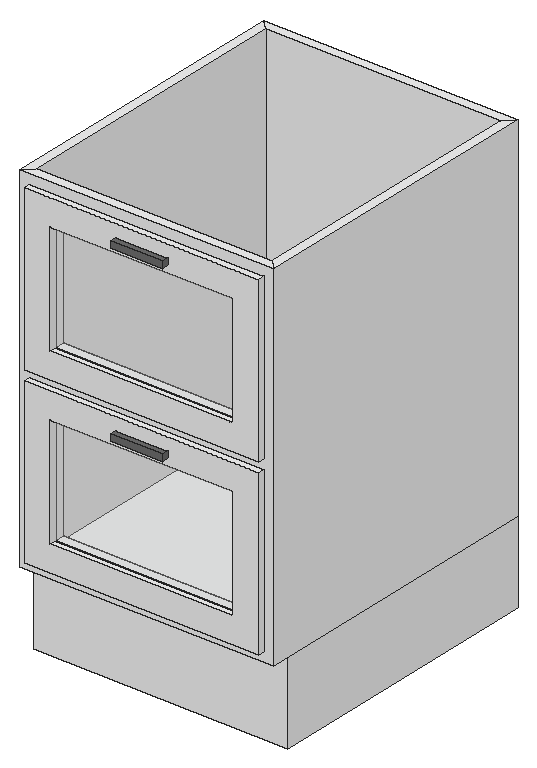
Revit family
Parameters (values of type "500mm")
  Cabinet Material = none
  Depth = 600 mm
  Door/Drawer Material = none
  Handle Material = Cabinets - Handles
  Height = 860 mm
  Panel Material = none
  Plinth Depth = 35 mm
  Plinth Height = 160 mm
  Width = 500 mm
Types (3, lengths in mm): name | Width
  (no name) | 500
  300mm | 300
  500mm | 500
Reference planes
  plane 1 "Back": y = 0
  plane 2: z = 0
  plane 3 "Center": x = 18.738
  plane 4 "Left": x = -231.262
  plane 5 "Right": x = 268.738
  plane 6 "Front": y = -600
  plane 7 "Top": z = 860
  plane 8: y = -565
  plane 9: z = 160
  plane 10: z = 840.95
  plane 11: z = 179.05
  plane 12: x = -212.212
  plane 13: x = 249.688
  plane 14: x = -32.062
  plane 15: x = 69.538
  plane 16: z = 815.55
  plane 17: z = 802.85
  plane 18: z = 510
  plane 19: x = 198.888
  plane 20: x = -161.412
  plane 21: z = 229.85
  plane 22: z = 449.675
  plane 23: z = 790.15
  plane 24: z = 570.325
  plane 25: z = 519.525
  plane 26: z = 500.475
  plane 27: z = 475.075
  plane 28: z = 462.375
Forms (mm)
  Extrusion 1, solid, material <- "Cabinet Material"
    sketch origin (0, 0, 0) x (1, 0, 0) y (0, 1, 0)
      loop
        line (-231.262, 0) -> (-231.262, -565) -> (268.738, -565) -> (268.738, 0) -> (-231.262, 0)
    from 0 to 160
  Sweep 2, solid, material <- "Cabinet Material"
    path origin (0, 0, 0) x (1, 0, 0) y (0, 1, 0)
      loop
        line (268.738, 0) -> (-231.262, 0) -> (-231.262, -600) -> (268.738, -600) -> (268.738, 0)
    profile origin (0, -300, 0) x (1, 0, 0) y (0, 0, 1)
      loop
        line (268.738, 160) -> (268.738, 860) -> (249.688, 860) -> (249.688, 160) -> (268.738, 160)
  Extrusion 3, solid, material <- "Cabinet Material"
    sketch origin (0, 0, 0) x (1, 0, 0) y (0, 1, 0)
      loop
        line (-212.212, -19.05) -> (-212.212, -580.95) -> (249.688, -580.95) -> (249.688, -19.05) -> (-212.212, -19.05)
    from 179.05 to 160
  Extrusion 4, void
    sketch origin (268.738, -600, 860) x (1, 0, 0) y (0, 0, -1)
      loop
        line (-430.15, 69.85) -> (-69.85, 69.85) -> (-69.85, 289.675) -> (-430.15, 289.675) -> (-430.15, 69.85)
      loop
        line (-430.15, 410.325) -> (-69.85, 410.325) -> (-69.85, 630.15) -> (-430.15, 630.15) -> (-430.15, 410.325)
    from 0 to 19.05
  Extrusion 5, solid, material <- "Panel Material"
    sketch origin (268.738, -600, 860) x (-1, 0, 0) y (0, 0, -1)
      loop
        line (430.15, 69.85) -> (430.15, 289.675) -> (69.85, 289.675) -> (69.85, 69.85) -> (430.15, 69.85)
      loop
        line (430.15, 410.325) -> (430.15, 630.15) -> (69.85, 630.15) -> (69.85, 410.325) -> (430.15, 410.325)
    from -19.05 to 0
  Extrusion 6, solid, material <- "Door/Drawer Material"
    sketch origin (0, -600, 0) x (1, 0, 0) y (0, 0, 1)
      loop
        line (-212.212, 840.95) -> (-212.212, 519.525) -> (249.688, 519.525) -> (249.688, 840.95) -> (-212.212, 840.95)
      loop
        line (-212.212, 500.475) -> (-212.212, 179.05) -> (249.688, 179.05) -> (249.688, 500.475) -> (-212.212, 500.475)
      loop
        line (-161.412, 790.15) -> (-161.412, 570.325) -> (198.888, 570.325) -> (198.888, 790.15) -> (-161.412, 790.15)
      loop
        line (-161.412, 449.675) -> (-161.412, 229.85) -> (198.888, 229.85) -> (198.888, 449.675) -> (-161.412, 449.675)
    from 0 to 12.7
  Extrusion 7, solid, material "Cabinets - Handles" <- "Handle Material"
    sketch origin (0, -600, 0) x (1, 0, 0) y (0, 0, 1)
      loop
        line (-32.062, 815.55) -> (-32.062, 802.85) -> (69.538, 802.85) -> (69.538, 815.55) -> (-32.062, 815.55)
      loop
        line (-32.062, 475.075) -> (-32.062, 462.375) -> (69.538, 462.375) -> (69.538, 475.075) -> (-32.062, 475.075)
    from 12.7 to 25.4
Cuts and joins
  Extrusion 4 cuts Extrusion 1
  Extrusion 4 cuts Sweep 2
  Extrusion 4 cuts Extrusion 3
Lines and regions (mm)
  symbolic lines, style "Plan Rep - Below"
    curve 1: line (268.738, -600, 0) -> (-231.262, -600, 0)
    curve 2: line (268.738, 0, 0) -> (268.738, -600, 0)
    curve 3: line (-231.262, 0, 0) -> (268.738, 0, 0)
    curve 4: line (-231.262, -600, 0) -> (-231.262, 0, 0)
  model lines
    curve 5: line (-212.212, -600, 840.95) -> (249.688, -600, 840.95)
    curve 6: line (249.688, -600, 840.95) -> (249.688, -600, 519.525)
    curve 7: line (-212.212, -600, 179.05) -> (-212.212, -600, 500.475)
    curve 8: line (-32.062, -600, 815.55) -> (69.538, -600, 815.55)
    curve 9: line (-32.062, -600, 802.85) -> (-32.062, -600, 815.55)
    curve 10: line (69.538, -600, 802.85) -> (-32.062, -600, 802.85)
    curve 11: line (69.538, -600, 815.55) -> (69.538, -600, 802.85)
    curve 12: line (-212.212, -600, 519.525) -> (249.688, -600, 519.525)
    curve 13: line (-212.212, -600, 500.475) -> (249.688, -600, 500.475)
    curve 14: line (249.688, -600, 500.475) -> (249.688, -600, 179.05)
    curve 15: line (-212.212, -600, 519.525) -> (-212.212, -600, 840.95)
    curve 16: line (249.688, -600, 179.05) -> (-212.212, -600, 179.05)
    curve 17: line (-32.062, -600, 475.075) -> (69.538, -600, 475.075)
    curve 18: line (-32.062, -600, 462.375) -> (-32.062, -600, 475.075)
    curve 19: line (69.538, -600, 462.375) -> (-32.062, -600, 462.375)
    curve 20: line (69.538, -600, 475.075) -> (69.538, -600, 462.375)
Dimensions and locks
  "Depth": plane 6 "Front" to plane 1 "Back"
  "Width": plane 4 "Left" to plane 5 "Right"
  equal spacing: plane 4 "Left", plane 3 "Center", plane 5 "Right"
  "Height": level to plane 7 "Top"
  "Plinth Height": plane 2 to plane 9
  "Plinth Depth": plane 6 "Front" to plane 8
  locked: plane 4 "Left" to plane 12 at 19.05
  locked: plane 13 to plane 5 "Right" at 19.05
  locked: plane 7 "Top" to plane 10 at 19.05
  locked: plane 11 to plane 9 at 19.05
  equal spacing: plane 10, plane 18, plane 11
  plane 21 to plane 11 = 50.8 mm
  plane 18 to plane 22 = 60.325 mm
  plane 12 to plane 20 = 50.8 mm
  plane 24 to plane 18 = 60.325 mm
  plane 10 to plane 23 = 50.8 mm
  plane 25 to plane 18 to plane 26 = 9.525 mm, 9.525 mm
  plane 10 to plane 16 to plane 17 = 25.4 mm, 12.7 mm
  plane 26 to plane 27 to plane 28 = 25.4 mm, 12.7 mm
  plane 14 to plane 3 "Center" to plane 15 = 50.8 mm locked, 50.8 mm locked
  locked: plane 19 to plane 13 at 50.8
  aligned and locked: plane 1 "Back" to Extrusion 1 sketch curve
  aligned and locked: Extrusion 1 sketch curve to plane 5 "Right"
  aligned and locked: Extrusion 1 sketch curve to plane 8
  aligned and locked: plane 4 "Left" to Extrusion 1 sketch curve
  aligned and locked: Extrusion 1 to level
  aligned and locked: Sweep 2 sketch curve to plane 6 "Front"
  aligned and locked: plane 1 "Back" to Sweep 2 sketch curve
  aligned and locked: Sweep 2 sketch curve to plane 5 "Right"  (x2)
  aligned and locked: plane 4 "Left" to Sweep 2 sketch curve
  aligned and locked: plane 7 "Top" to Sweep 2 sketch curve
  aligned and locked: Sweep 2 sketch curve to plane 9
  aligned and locked: Sweep 2 to Extrusion 3 sketch curve  (x2)
  aligned and locked: Extrusion 3 sketch curve to Sweep 2  (x2)
  aligned and locked: plane 11 to Extrusion 3
  aligned and locked: plane 9 to Extrusion 3
  aligned and locked: Extrusion 1 to plane 9
  aligned and locked: plane 24 to Extrusion 4 sketch curve
  aligned and locked: Extrusion 4 sketch curve to plane 23
  aligned and locked: Extrusion 4 sketch curve to plane 20  (x2)
  aligned and locked: plane 19 to Extrusion 4 sketch curve  (x2)
  aligned and locked: Extrusion 4 sketch curve to plane 21
  aligned and locked: Extrusion 4 sketch curve to plane 22
  aligned and locked: cut or joined group of Sweep 2, Extrusion 4 to Extrusion 4
  aligned and locked: plane 6 "Front" to Extrusion 4
  aligned and locked: plane 23 to Extrusion 5 sketch curve
  aligned and locked: plane 21 to Extrusion 5 sketch curve
  aligned and locked: plane 20 to Extrusion 5 sketch curve  (x2)
  aligned and locked: Extrusion 5 sketch curve to plane 19  (x2)
  aligned and locked: Extrusion 5 sketch curve to plane 24
  aligned and locked: plane 22 to Extrusion 5 sketch curve
  aligned and locked: cut or joined group of Sweep 2, Extrusion 4 to Extrusion 5
  aligned and locked: plane 6 "Front" to Extrusion 5
Automatic sketch dimensions
  profile plane to Sweep 2 sketch curve = 19.05 mm
  curve 1 to plane 4 "Left" = 0 mm
  curve 3 to plane 1 "Back" = 0 mm
  curve 3 to plane 5 "Right" = 0 mm
  curve 1 to plane 6 "Front" = 0 mm
  curve 6 to plane 13 = 0 mm
  curve 12 to plane 25 = 0 mm
  curve 8 to plane 15 = 0 mm
  curve 19 to plane 15 = 0 mm
  curve 10 to plane 14 = 0 mm
  curve 17 to plane 14 = 0 mm
  curve 13 to plane 12 = 0 mm
  curve 12 to plane 12 = 0 mm
  curve 5 to plane 10 = 0 mm
  curve 8 to plane 16 = 0 mm
  curve 11 to plane 17 = 0 mm
  curve 13 to plane 26 = 0 mm
  curve 20 to plane 27 = 0 mm
  curve 20 to plane 28 = 0 mm
  curve 14 to plane 13 = 0 mm
  curve 16 to plane 11 = 0 mm
  Extrusion 6 sketch curve to plane 10 = 0 mm
  Extrusion 6 sketch curve to plane 12 = 0 mm  (x2)
  Extrusion 6 sketch curve to plane 11 = 0 mm
  Extrusion 6 sketch curve to plane 20 = 0 mm  (x2)
  Extrusion 6 sketch curve to plane 19 = 0 mm  (x2)
  Extrusion 6 sketch curve to plane 13 = 0 mm  (x2)
  Extrusion 6 sketch curve to plane 21 = 0 mm
  Extrusion 6 sketch curve to plane 22 = 0 mm
  Extrusion 6 sketch curve to plane 26 = 0 mm
  Extrusion 6 sketch curve to plane 25 = 0 mm
  Extrusion 6 sketch curve to plane 24 = 0 mm
  Extrusion 6 sketch curve to plane 23 = 0 mm
  Extrusion 7 sketch curve to plane 14 = 0 mm  (x2)
  Extrusion 7 sketch curve to plane 15 = 0 mm  (x2)
  Extrusion 7 sketch curve to plane 28 = 0 mm
  Extrusion 7 sketch curve to plane 27 = 0 mm
  Extrusion 7 sketch curve to plane 17 = 0 mm
  Extrusion 7 sketch curve to plane 16 = 0 mm
